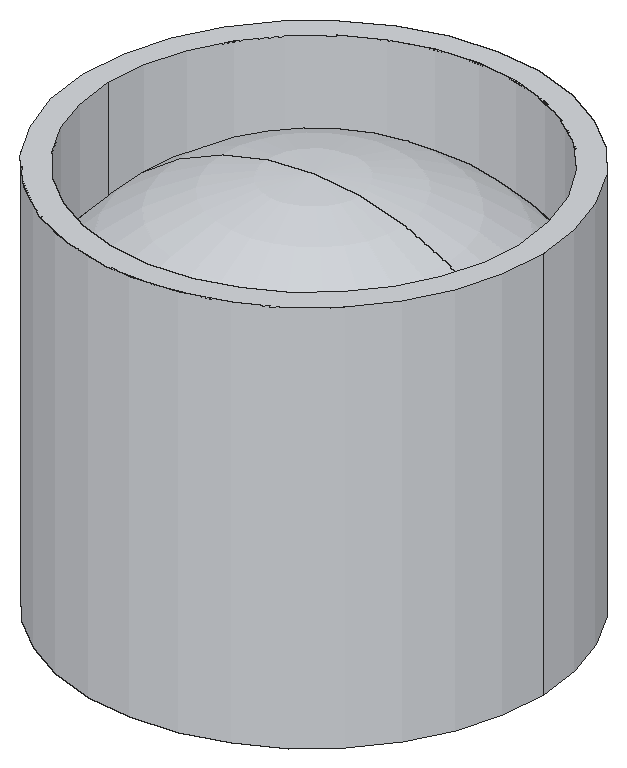
Revit family "EURS_63_LF_FB_Luxspace Surface Mounted DN570C_PHI", category Lighting Fixtures, host Face, Revit 2016
Family settings
  Host = Face
  Part Type = Normal
  Round Connector Dimension = Use Diameter
  Cut with Voids When Loaded = No
  Light Source = No
  Shared = Yes
  Room Calculation Point = No
Parameters (values of type "Type catalog")
  Width = 250 mm
  Voltage (V) = 230 V
  Visibility 2D symbol [instance] = yes
  Visibility 2D outline [instance] = not(Visibility 2D symbol)  # no
  URL = "http://www.lighting.philips.com/main/home"
  Type Comments = "Face Based"
  Rim height = 5 mm
  Product catalog - URL = "https://www.lighting.philips.com/main/prof/indoor-luminaires/downlights/luxspace-surface-mounted/910503706712_EU/product"
  Order code = "910503706712"
  Model = "DN570C"
  Manufacturer = "Philips"
  Light source = 2 mm
  Light loss factor = ""
  Length = 250 mm
  Last IES update = "DATE"
  Lamp type = DN570C IES Data : PSE-E 1xLED12S_930 M SG-FRC
  Lamp = "LAMP TYPE"
  Initial luminous flux (lm) = ""
  Init. Corr. Color Temperature (K) = ""
  Height = 215 mm
  Fixture code = "871829194487400"
  ETIM code URL = "https://prod.etim-international.com/Class/Details?classId=EC002892&classVersion=2"
  ETIM code = "EC002892"
  EOC = "EOC CODE"
  Description = "Luxspace Surface Mounted"
  Default Elevation = 0 mm
  Content version = "1.0"
  Content modified date = "03-04-2020"
  Content creation date = "03-04-2020"
  Content Creator = "https://www.cadac.com/bimcontent"
  BIM Library - URL = "http://www.lighting.philips.com/main/support/support/revit-library#page=1"
  Armatuurcode [instance] = ""
  Apparent Load = 0 VA
  12NC = "910503706712"
Reference planes
  plane 1 "Center (Front/Back)": y = 0
  plane 2: z = 0
  plane 3 "Center (Left/Right)": x = 0
  plane 4: x = -125
  plane 5: y = -125
  plane 6: y = 125
  plane 7: x = 125
  plane 8: z = 215
  plane 9: z = 26
  plane 10 "Light Source": z = 217
Forms (mm)
  Extrusion 1, solid
    sketch origin (0, 0, 0) x (1, 0, 0) y (0, 1, 0)
      loop
        circle (0, 0) r 125
    from 0 to 215
  Revolve 2, void
    sketch origin (0, 0, 0) x (1, 0, 0) y (0, 0, 1)
      loop
        line (0, 215) -> (0, 210)
        arc (0, 210) -> (61.534, 197.397) -> (112, 160) r 145.301
        line (112, 160) -> (112, 215) -> (0, 215)
      axis (0, 215) -> (0, 160)
    angle from 0 to 360
Cuts and joins
  Revolve 2 cuts Extrusion 1
Dimensions and locks
  equal spacing: host sketch curve, plane 1 "Center (Front/Back)", host sketch curve
  equal spacing: host sketch curve, plane 3 "Center (Left/Right)", host sketch curve
  "Length": plane 4 to plane 7
  equal spacing: plane 4, plane 3 "Center (Left/Right)", plane 7
  equal spacing: plane 5, plane 1 "Center (Front/Back)", plane 6
  "Width": plane 5 to plane 6
  "Height": plane 8 to plane 2
  "Light source": plane 8 to plane 10 "Light Source"
  aligned and locked: plane 2 to host face
  aligned and locked: level to host face
  aligned and locked: plane 8 to Extrusion 1
  aligned and locked: Extrusion 1 to level
Automatic sketch dimensions
  plane 1 "Center (Front/Back)" to Extrusion 1 sketch curve = 0 mm
  Extrusion 1 sketch curve to plane 3 "Center (Left/Right)" = 0 mm
  Revolve 2 sketch curve to plane 3 "Center (Left/Right)" = 0 mm  (x2)
  Revolve 2 sketch curve to plane 8 = 0 mm
  plane 3 "Center (Left/Right)" to Revolve 2 sketch curve = 2.302 mm
  plane 7 to Revolve 2 sketch curve = 13 mm
  plane 9 to Revolve 2 sketch curve = 38.717 mm
  Revolve 2 sketch curve to Revolve 2 sketch curve = 5 mm
  Revolve 2 sketch curve to Revolve 2 sketch curve = 30.283 mm
  plane 8 to Revolve 2 sketch curve = 40 mm
  radius of Extrusion 1 sketch curve = 125 mm
Nested families
  nested 1: "2D-PL-Rond + symbool" at (0, 0, 0), visible <- "Visibility 2D symbol", Diameters <- "Width", type "2D symbool"
    with radius 125 mm, Diameters 250 mm
  nested 2: "2D-PL-Rond" at (0, 0, 0), visible <- "Visibility 2D outline", Diameters <- "Width", type "2D symbool"
    with Diameters 250 mm
  nested 3: "DN570C IES Data" at (0, 0, 217) x (1, 0, 0) z (0, 0, -1), type <- "Lamp type", type "PSE-E 1xLED12S_930 M SG-FRC"
Connectors
  electrical at (0, 0, 0), driven by "Apparent Load", driven by "Voltage (V)"
    settings: on host face, index 1, voltage 230 V, apparent load 0 VA, apparent load phase1 0 VA, apparent load phase2 0 VA, apparent load phase3 0 VA, power factor 1, load classification "Other", number of poles 1, system type 31, power factor state 1, is connector primary yes, connector utility no, sub classification motor no, connector description ""
Definition of nested family "2D-PL-Rond + symbool"
  Parameters (values of type "2D symbool")
    radius [instance] = Diameters / 2  # 125 mm
    Visibility 2D symbol = yes
    Diameters [instance] = 250 mm
    Description = "Armatuur symbool"
    Copyright © Cadac = "www.cadac.com/aec"
    Cadac content versie = ""
    Assembly Code = ""
  Reference planes
    plane 1 "Center (Front/Back)": y = 0
    plane 2: z = 0
    plane 3 "Center (Left/Right)": x = 0
  Lines and regions (mm)
    symbolic lines
      curve 1: circle (0, 0, 0) r 125 normal (0, 0, 1)
  Dimensions and locks
    "Diameters": diameter of curve 1
  Automatic sketch dimensions
    plane 1 "Center (Front/Back)" to curve 1 = 0 mm
    curve 1 to plane 3 "Center (Left/Right)" = 0 mm
  Nested families
    nested 1: "PL-opbouwarmatuur plafond rond" at (0, 0, 0), radius cirkel <- "radius", visible <- "Visibility 2D symbol", type "PL lichtpunt"
      with radius cirkel 125 mm, lengte symbool 162.5 mm, l1 140 mm, breedte symbool 150 mm, b1 52.5 mm
  Definition of nested family "PL-opbouwarmatuur plafond rond"
    Parameters (values of type "PL lichtpunt")
      radius cirkel [instance] = 200 mm
      lengte symbool [instance] = 162.5 mm
      l1 [instance] = 140 mm
      breedte symbool [instance] = radius cirkel + 25 mm  # 225 mm
      b1 [instance] = 52.5 mm
      Diameters = 74 mm
      Description = "PL lichtpunt"
      Copyright © Cadac = "www.cadac.com/aec"
      Cadac content versie = "4.0"  # constant formula
      Assembly Code = ""
    Reference planes
      plane 1 "Center (Front/Back)": y = 0
      plane 2: z = 0
      plane 3 "Center (Left/Right)": x = 0
      plane 4: y = 112.5
      plane 5: y = -112.5
    Lines and regions (mm)
      symbolic lines
        curve 1: circle (0, 0, 0) r 200 normal (0, 0, 1)
        curve 2: line (-165.359, 112.5, 0) -> (165.359, -112.5, 0)
        curve 3: line (-165.359, -112.5, 0) -> (165.359, 112.5, 0)
    Dimensions and locks
      equal spacing: plane 4, plane 1 "Center (Front/Back)", plane 5
      "breedte symbool": plane 4 to plane 5
      "radius cirkel": radius of curve 1
      aligned and locked: plane 4 to curve 2
      aligned and locked: plane 4 to curve 3
      aligned and locked: plane 5 to curve 3
      aligned and locked: plane 5 to curve 2
    Automatic sketch dimensions
      plane 1 "Center (Front/Back)" to curve 1 = 0 mm
      curve 1 to plane 3 "Center (Left/Right)" = 0 mm
Definition of nested family "2D-PL-Rond"
  Parameters (values of type "2D symbool")
    Diameters [instance] = 250 mm
    Description = "Armatuur symbool"
    Copyright © Cadac = "www.cadac.com/aec"
    Cadac content versie = ""
    Assembly Code = ""
  Reference planes
    plane 1 "Center (Front/Back)": y = 0
    plane 2: z = 0
    plane 3 "Center (Left/Right)": x = 0
  Lines and regions (mm)
    symbolic lines
      curve 1: circle (0, 0, 0) r 125 normal (0, 0, 1)
  Dimensions and locks
    "Diameters": diameter of curve 1
  Automatic sketch dimensions
    plane 1 "Center (Front/Back)" to curve 1 = 0 mm
    curve 1 to plane 3 "Center (Left/Right)" = 0 mm
Definition of nested family "DN570C IES Data"
  Parameters (values of type "PSED-E 1xLED40S_840 C")
    Wattage = 35.5 W
    built-in parameter 1150110 = 1 (stored number, unit not read)
    built-in parameter 1114217 = 1 (stored number, unit not read)
    Tilt Angle = 90.00°
    built-in parameter 1150109 = 1 (stored number, unit not read)
    built-in parameter 1150134 = 12
    built-in parameter 1150113 = 1 (stored number, unit not read)
    Photometric Web File = "DN570C PSED-E 1xLED40S_840 C.ies"
    Model = "DN570C"
    Manufacturer = "Philips"
    built-in parameter 1150105 = 334.23 (stored number, unit not read)
    Lumens = 4200 lm
    built-in parameter 1150115 = 1 (stored number, unit not read)
    built-in parameter 1150137 = (empty or 0)
    built-in parameter 1150139 = (empty or 0)
    built-in parameter 1150112 = 1 (stored number, unit not read)
    built-in parameter 1150114 = 1 (stored number, unit not read)
    Lamp = "LED40S/840/-"
    built-in parameter 1150132 = (empty or 0)
    built-in parameter 1150102 = (empty or 0)
    built-in parameter 1150107 = 4000 (stored number, unit not read)
    built-in parameter 1150138 = (empty or 0)
    built-in parameter 1150106 = 3.3423 (stored number, unit not read)
    Emit from Circle Diameter = 178 mm
    Emit Shape Visible in Rendering = no
    built-in parameter 1150104 = 10.991 (stored number, unit not read)
    Dimming Lamp Color Temperature Shift = (empty or 0)
    Description = ""
    Default Elevation = 0 mm
    Content Creator = "https://www.cadac.com/bimcontent"
    Color Filter = 16777215
    built-in parameter 1114218 = 1 (stored number, unit not read)
    built-in parameter 1150133 = 10 (stored number, unit not read)
    Apparent Load = 35.5 VA
  Types (104, lengths in mm): name | Wattage | built-in parameter 1150134 | Photometric Web File | built-in parameter 1150105 | Lumens | Lamp | built-in parameter 1150107 | built-in parameter 1150106 | built-in parameter 1150104 | Apparent Load
    PSED-E 1xLED40S_840 C | 35.5 W | 12 | "DN570C PSED-E 1xLED40S_840 C.ies" | 334.23 (stored number, unit not read) | 4200 lm | "LED40S/840/-" | 4000 (stored number, unit not read) | 3.3423 (stored number, unit not read) | 10.991 (stored number, unit not read) | 35.5 VA
    PSED-E 1xLED40S_830 C | 38 W | (empty or 0) | "DN570C PSED-E 1xLED40S_830 C.ies" | 334.23 (stored number, unit not read) | 4200 lm | "LED40S/830/-" | 3000 (stored number, unit not read) | 3.3423 (stored number, unit not read) | 10.268 (stored number, unit not read) | 38 VA
    PSED-E 1xLED24S_930 WR | 23 W | (empty or 0) | "DN570C PSED-E 1xLED24S_930 WR.ies" | 159.15 (stored number, unit not read) | 2000 lm | "LED24S/930/-" | 3000 (stored number, unit not read) | 1.5915 (stored number, unit not read) | 8.0785 (stored number, unit not read) | 23 VA
    PSED-E 1xLED24S_930 M | 23 W | (empty or 0) | "DN570C PSED-E 1xLED24S_930 M.ies" | 143.24 (stored number, unit not read) | 1800 lm | "LED24S/930/-" | 3000 (stored number, unit not read) | 1.4324 (stored number, unit not read) | 7.2707 (stored number, unit not read) | 23 VA
    PSED-E 1xLED24S_930 M SG-O | 23 W | (empty or 0) | "DN570C PSED-E 1xLED24S_930 M SG-O.ies" | 111.41 (stored number, unit not read) | 1400 lm | "LED24S/930/-" | 3000 (stored number, unit not read) | 1.1141 (stored number, unit not read) | 5.655 (stored number, unit not read) | 23 VA
    PSED-E 1xLED24S_930 M SG-HR-FR | 23 W | (empty or 0) | "DN570C PSED-E 1xLED24S_930 M SG-HR-FR.ies" | 115.39 (stored number, unit not read) | 1450 lm | "LED24S/930/-" | 3000 (stored number, unit not read) | 1.1539 (stored number, unit not read) | 5.8569 (stored number, unit not read) | 23 VA
    PSED-E 1xLED24S_930 M SG-FRC | 23 W | (empty or 0) | "DN570C PSED-E 1xLED24S_930 M SG-FRC.ies" | 115.39 (stored number, unit not read) | 1450 lm | "LED24S/930/-" | 3000 (stored number, unit not read) | 1.1539 (stored number, unit not read) | 5.8569 (stored number, unit not read) | 23 VA
    PSED-E 1xLED24S_930 F | 23 W | (empty or 0) | "DN570C PSED-E 1xLED24S_930 F.ies" | 167.11 (stored number, unit not read) | 2100 lm | "LED24S/930/-" | 3000 (stored number, unit not read) | 1.6711 (stored number, unit not read) | 8.4825 (stored number, unit not read) | 23 VA
    PSED-E 1xLED24S_930 F SG-O | 23 W | (empty or 0) | "DN570C PSED-E 1xLED24S_930 F SG-O.ies" | 135.28 (stored number, unit not read) | 1700 lm | "LED24S/930/-" | 3000 (stored number, unit not read) | 1.3528 (stored number, unit not read) | 6.8667 (stored number, unit not read) | 23 VA
    PSED-E 1xLED24S_930 F SG-HR-FR | 23 W | (empty or 0) | "DN570C PSED-E 1xLED24S_930 F SG-HR-FR.ies" | 139.26 (stored number, unit not read) | 1750 lm | "LED24S/930/-" | 3000 (stored number, unit not read) | 1.3926 (stored number, unit not read) | 7.0687 (stored number, unit not read) | 23 VA
    PSED-E 1xLED24S_930 F SG-FRC | 23 W | (empty or 0) | "DN570C PSED-E 1xLED24S_930 F SG-FRC.ies" | 135.28 (stored number, unit not read) | 1700 lm | "LED24S/930/-" | 3000 (stored number, unit not read) | 1.3528 (stored number, unit not read) | 6.8667 (stored number, unit not read) | 23 VA
    PSED-E 1xLED24S_930 C | 23 W | (empty or 0) | "DN570C PSED-E 1xLED24S_930 C.ies" | 167.11 (stored number, unit not read) | 2100 lm | "LED24S/930/-" | 3000 (stored number, unit not read) | 1.6711 (stored number, unit not read) | 8.4825 (stored number, unit not read) | 23 VA
    PSED-E 1xLED24S_930 C SG-O | 23 W | (empty or 0) | "DN570C PSED-E 1xLED24S_930 C SG-O.ies" | 135.28 (stored number, unit not read) | 1700 lm | "LED24S/930/-" | 3000 (stored number, unit not read) | 1.3528 (stored number, unit not read) | 6.8667 (stored number, unit not read) | 23 VA
    PSED-E 1xLED24S_930 C SG-HR-FR | 23 W | (empty or 0) | "DN570C PSED-E 1xLED24S_930 C SG-HR-FR.ies" | 139.26 (stored number, unit not read) | 1750 lm | "LED24S/930/-" | 3000 (stored number, unit not read) | 1.3926 (stored number, unit not read) | 7.0687 (stored number, unit not read) | 23 VA
    PSED-E 1xLED24S_930 C SG-FRC | 23 W | (empty or 0) | "DN570C PSED-E 1xLED24S_930 C SG-FRC.ies" | 135.28 (stored number, unit not read) | 1700 lm | "LED24S/930/-" | 3000 (stored number, unit not read) | 1.3528 (stored number, unit not read) | 6.8667 (stored number, unit not read) | 23 VA
    PSED-E 1xLED20S_930 WR | 18.8 W | (empty or 0) | "DN570C PSED-E 1xLED20S_930 WR.ies" | 135.28 (stored number, unit not read) | 1700 lm | "LED20S/930/-" | 3000 (stored number, unit not read) | 1.3528 (stored number, unit not read) | 8.4008 (stored number, unit not read) | 18.8 VA
    PSED-E 1xLED20S_930 M | 18.8 W | (empty or 0) | "DN570C PSED-E 1xLED20S_930 M.ies" | 119.37 (stored number, unit not read) | 1500 lm | "LED20S/930/-" | 3000 (stored number, unit not read) | 1.1937 (stored number, unit not read) | 7.4125 (stored number, unit not read) | 18.8 VA
    PSED-E 1xLED20S_930 M SG-O | 18.8 W | (empty or 0) | "DN570C PSED-E 1xLED20S_930 M SG-O.ies" | 95.493 (stored number, unit not read) | 1200 lm | "LED20S/930/-" | 3000 (stored number, unit not read) | 0.95493 (stored number, unit not read) | 5.93 (stored number, unit not read) | 18.8 VA
    PSED-E 1xLED20S_930 M SG-HR-FR | 18.8 W | (empty or 0) | "DN570C PSED-E 1xLED20S_930 M SG-HR-FR.ies" | 95.493 (stored number, unit not read) | 1200 lm | "LED20S/930/-" | 3000 (stored number, unit not read) | 0.95493 (stored number, unit not read) | 5.93 (stored number, unit not read) | 18.8 VA
    PSED-E 1xLED20S_930 M SG-FRC | 18.8 W | (empty or 0) | "DN570C PSED-E 1xLED20S_930 M SG-FRC.ies" | 95.493 (stored number, unit not read) | 1200 lm | "LED20S/930/-" | 3000 (stored number, unit not read) | 0.95493 (stored number, unit not read) | 5.93 (stored number, unit not read) | 18.8 VA
    PSED-E 1xLED20S_930 F | 18.8 W | (empty or 0) | "DN570C PSED-E 1xLED20S_930 F.ies" | 139.26 (stored number, unit not read) | 1750 lm | "LED20S/930/-" | 3000 (stored number, unit not read) | 1.3926 (stored number, unit not read) | 8.6479 (stored number, unit not read) | 18.8 VA
    PSED-E 1xLED20S_930 F SG-O | 18.8 W | (empty or 0) | "DN570C PSED-E 1xLED20S_930 F SG-O.ies" | 115.39 (stored number, unit not read) | 1450 lm | "LED20S/930/-" | 3000 (stored number, unit not read) | 1.1539 (stored number, unit not read) | 7.1654 (stored number, unit not read) | 18.8 VA
    PSED-E 1xLED20S_930 F SG-HR-FR | 18.8 W | (empty or 0) | "DN570C PSED-E 1xLED20S_930 F SG-HR-FR.ies" | 115.39 (stored number, unit not read) | 1450 lm | "LED20S/930/-" | 3000 (stored number, unit not read) | 1.1539 (stored number, unit not read) | 7.1654 (stored number, unit not read) | 18.8 VA
    PSED-E 1xLED20S_930 F SG-FRC | 18.8 W | (empty or 0) | "DN570C PSED-E 1xLED20S_930 F SG-FRC.ies" | 115.39 (stored number, unit not read) | 1450 lm | "LED20S/930/-" | 3000 (stored number, unit not read) | 1.1539 (stored number, unit not read) | 7.1654 (stored number, unit not read) | 18.8 VA
    PSED-E 1xLED20S_930 C | 18.8 W | (empty or 0) | "DN570C PSED-E 1xLED20S_930 C.ies" | 139.26 (stored number, unit not read) | 1750 lm | "LED20S/930/-" | 3000 (stored number, unit not read) | 1.3926 (stored number, unit not read) | 8.6479 (stored number, unit not read) | 18.8 VA
    PSED-E 1xLED20S_930 C SG-O | 18.8 W | (empty or 0) | "DN570C PSED-E 1xLED20S_930 C SG-O.ies" | 115.39 (stored number, unit not read) | 1450 lm | "LED20S/930/-" | 3000 (stored number, unit not read) | 1.1539 (stored number, unit not read) | 7.1654 (stored number, unit not read) | 18.8 VA
    PSED-E 1xLED20S_930 C SG-HR-FR | 18.8 W | (empty or 0) | "DN570C PSED-E 1xLED20S_930 C SG-HR-FR.ies" | 115.39 (stored number, unit not read) | 1450 lm | "LED20S/930/-" | 3000 (stored number, unit not read) | 1.1539 (stored number, unit not read) | 7.1654 (stored number, unit not read) | 18.8 VA
    PSED-E 1xLED20S_930 C SG-FRC | 18.8 W | (empty or 0) | "DN570C PSED-E 1xLED20S_930 C SG-FRC.ies" | 115.39 (stored number, unit not read) | 1450 lm | "LED20S/930/-" | 3000 (stored number, unit not read) | 1.1539 (stored number, unit not read) | 7.1654 (stored number, unit not read) | 18.8 VA
    PSED-E 1xLED12S_930 WR | 11.6 W | (empty or 0) | "DN570C PSED-E 1xLED12S_930 WR.ies" | 83.556 (stored number, unit not read) | 1050 lm | "LED12S/930/-" | 3000 (stored number, unit not read) | 0.83556 (stored number, unit not read) | 8.4093 (stored number, unit not read) | 11.6 VA
    PSED-E 1xLED12S_930 M | 11.6 W | (empty or 0) | "DN570C PSED-E 1xLED12S_930 M.ies" | 73.211 (stored number, unit not read) | 920 lm | "LED12S/930/-" | 3000 (stored number, unit not read) | 0.73211 (stored number, unit not read) | 7.3682 (stored number, unit not read) | 11.6 VA
    PSED-E 1xLED12S_930 M SG-O | 11.6 W | (empty or 0) | "DN570C PSED-E 1xLED12S_930 M SG-O.ies" | 55.704 (stored number, unit not read) | 700 lm | "LED12S/930/-" | 3000 (stored number, unit not read) | 0.55704 (stored number, unit not read) | 5.6062 (stored number, unit not read) | 11.6 VA
    PSED-E 1xLED12S_930 M SG-HR-FR | 11.6 W | (empty or 0) | "DN570C PSED-E 1xLED12S_930 M SG-HR-FR.ies" | 57.296 (stored number, unit not read) | 720 lm | "LED12S/930/-" | 3000 (stored number, unit not read) | 0.57296 (stored number, unit not read) | 5.7664 (stored number, unit not read) | 11.6 VA
    PSED-E 1xLED12S_930 M SG-FRC | 11.6 W | (empty or 0) | "DN570C PSED-E 1xLED12S_930 M SG-FRC.ies" | 57.296 (stored number, unit not read) | 720 lm | "LED12S/930/-" | 3000 (stored number, unit not read) | 0.57296 (stored number, unit not read) | 5.7664 (stored number, unit not read) | 11.6 VA
    PSED-E 1xLED12S_930 F | 11.6 W | (empty or 0) | "DN570C PSED-E 1xLED12S_930 F.ies" | 87.535 (stored number, unit not read) | 1100 lm | "LED12S/930/-" | 3000 (stored number, unit not read) | 0.87535 (stored number, unit not read) | 8.8098 (stored number, unit not read) | 11.6 VA
    PSED-E 1xLED12S_930 F SG-O | 11.6 W | (empty or 0) | "DN570C PSED-E 1xLED12S_930 F SG-O.ies" | 71.62 (stored number, unit not read) | 900 lm | "LED12S/930/-" | 3000 (stored number, unit not read) | 0.7162 (stored number, unit not read) | 7.208 (stored number, unit not read) | 11.6 VA
    PSED-E 1xLED12S_930 F SG-HR-FR | 11.6 W | (empty or 0) | "DN570C PSED-E 1xLED12S_930 F SG-HR-FR.ies" | 74.803 (stored number, unit not read) | 940 lm | "LED12S/930/-" | 3000 (stored number, unit not read) | 0.74803 (stored number, unit not read) | 7.5283 (stored number, unit not read) | 11.6 VA
    PSED-E 1xLED12S_930 F SG-FRC | 11.6 W | (empty or 0) | "DN570C PSED-E 1xLED12S_930 F SG-FRC.ies" | 71.62 (stored number, unit not read) | 900 lm | "LED12S/930/-" | 3000 (stored number, unit not read) | 0.7162 (stored number, unit not read) | 7.208 (stored number, unit not read) | 11.6 VA
    PSED-E 1xLED12S_930 C | 11.6 W | (empty or 0) | "DN570C PSED-E 1xLED12S_930 C.ies" | 87.535 (stored number, unit not read) | 1100 lm | "LED12S/930/-" | 3000 (stored number, unit not read) | 0.87535 (stored number, unit not read) | 8.8098 (stored number, unit not read) | 11.6 VA
    PSED-E 1xLED12S_930 C SG-O | 11.6 W | (empty or 0) | "DN570C PSED-E 1xLED12S_930 C SG-O.ies" | 71.62 (stored number, unit not read) | 900 lm | "LED12S/930/-" | 3000 (stored number, unit not read) | 0.7162 (stored number, unit not read) | 7.208 (stored number, unit not read) | 11.6 VA
    PSED-E 1xLED12S_930 C SG-HR-FR | 11.6 W | (empty or 0) | "DN570C PSED-E 1xLED12S_930 C SG-HR-FR.ies" | 74.803 (stored number, unit not read) | 940 lm | "LED12S/930/-" | 3000 (stored number, unit not read) | 0.74803 (stored number, unit not read) | 7.5283 (stored number, unit not read) | 11.6 VA
    PSED-E 1xLED12S_930 C SG-FRC | 11.6 W | (empty or 0) | "DN570C PSED-E 1xLED12S_930 C SG-FRC.ies" | 71.62 (stored number, unit not read) | 900 lm | "LED12S/930/-" | 3000 (stored number, unit not read) | 0.7162 (stored number, unit not read) | 7.208 (stored number, unit not read) | 11.6 VA
    PSE-E 1xLED24S_930 WR | 23 W | (empty or 0) | "DN570C PSE-E 1xLED24S_930 WR.ies" | 159.15 (stored number, unit not read) | 2000 lm | "LED24S/930/-" | 3000 (stored number, unit not read) | 1.5915 (stored number, unit not read) | 8.0785 (stored number, unit not read) | 23 VA
    PSE-E 1xLED24S_930 M | 23 W | (empty or 0) | "DN570C PSE-E 1xLED24S_930 M.ies" | 143.24 (stored number, unit not read) | 1800 lm | "LED24S/930/-" | 3000 (stored number, unit not read) | 1.4324 (stored number, unit not read) | 7.2707 (stored number, unit not read) | 23 VA
    PSE-E 1xLED24S_930 M SG-O | 23 W | (empty or 0) | "DN570C PSE-E 1xLED24S_930 M SG-O.ies" | 111.41 (stored number, unit not read) | 1400 lm | "LED24S/930/-" | 3000 (stored number, unit not read) | 1.1141 (stored number, unit not read) | 5.655 (stored number, unit not read) | 23 VA
    PSE-E 1xLED24S_930 M SG-HR-FR | 23 W | (empty or 0) | "DN570C PSE-E 1xLED24S_930 M SG-HR-FR.ies" | 115.39 (stored number, unit not read) | 1450 lm | "LED24S/930/-" | 3000 (stored number, unit not read) | 1.1539 (stored number, unit not read) | 5.8569 (stored number, unit not read) | 23 VA
    PSE-E 1xLED24S_930 M SG-FRC | 23 W | (empty or 0) | "DN570C PSE-E 1xLED24S_930 M SG-FRC.ies" | 115.39 (stored number, unit not read) | 1450 lm | "LED24S/930/-" | 3000 (stored number, unit not read) | 1.1539 (stored number, unit not read) | 5.8569 (stored number, unit not read) | 23 VA
    PSE-E 1xLED24S_930 F | 23 W | (empty or 0) | "DN570C PSE-E 1xLED24S_930 F.ies" | 167.11 (stored number, unit not read) | 2100 lm | "LED24S/930/-" | 3000 (stored number, unit not read) | 1.6711 (stored number, unit not read) | 8.4825 (stored number, unit not read) | 23 VA
    PSE-E 1xLED24S_930 F SG-O | 23 W | (empty or 0) | "DN570C PSE-E 1xLED24S_930 F SG-O.ies" | 135.28 (stored number, unit not read) | 1700 lm | "LED24S/930/-" | 3000 (stored number, unit not read) | 1.3528 (stored number, unit not read) | 6.8667 (stored number, unit not read) | 23 VA
    PSE-E 1xLED24S_930 F SG-HR-FR | 23 W | (empty or 0) | "DN570C PSE-E 1xLED24S_930 F SG-HR-FR.ies" | 139.26 (stored number, unit not read) | 1750 lm | "LED24S/930/-" | 3000 (stored number, unit not read) | 1.3926 (stored number, unit not read) | 7.0687 (stored number, unit not read) | 23 VA
    PSE-E 1xLED24S_930 F SG-FRC | 23 W | (empty or 0) | "DN570C PSE-E 1xLED24S_930 F SG-FRC.ies" | 135.28 (stored number, unit not read) | 1700 lm | "LED24S/930/-" | 3000 (stored number, unit not read) | 1.3528 (stored number, unit not read) | 6.8667 (stored number, unit not read) | 23 VA
    PSE-E 1xLED24S_930 C | 23 W | (empty or 0) | "DN570C PSE-E 1xLED24S_930 C.ies" | 167.11 (stored number, unit not read) | 2100 lm | "LED24S/930/-" | 3000 (stored number, unit not read) | 1.6711 (stored number, unit not read) | 8.4825 (stored number, unit not read) | 23 VA
    PSE-E 1xLED24S_930 C SG-O | 23 W | (empty or 0) | "DN570C PSE-E 1xLED24S_930 C SG-O.ies" | 135.28 (stored number, unit not read) | 1700 lm | "LED24S/930/-" | 3000 (stored number, unit not read) | 1.3528 (stored number, unit not read) | 6.8667 (stored number, unit not read) | 23 VA
    PSE-E 1xLED24S_930 C SG-HR-FR | 23 W | (empty or 0) | "DN570C PSE-E 1xLED24S_930 C SG-HR-FR.ies" | 139.26 (stored number, unit not read) | 1750 lm | "LED24S/930/-" | 3000 (stored number, unit not read) | 1.3926 (stored number, unit not read) | 7.0687 (stored number, unit not read) | 23 VA
    PSE-E 1xLED24S_930 C SG-FRC | 23 W | (empty or 0) | "DN570C PSE-E 1xLED24S_930 C SG-FRC.ies" | 135.28 (stored number, unit not read) | 1700 lm | "LED24S/930/-" | 3000 (stored number, unit not read) | 1.3528 (stored number, unit not read) | 6.8667 (stored number, unit not read) | 23 VA
    PSE-E 1xLED24S_840 WR | 21.5 W | 12 | "DN570C PSE-E 1xLED24S_840 WR.ies" | 198.94 (stored number, unit not read) | 2500 lm | "LED24S/840/-" | 4000 (stored number, unit not read) | 1.9894 (stored number, unit not read) | 10.803 (stored number, unit not read) | 21.5 VA
    PSE-E 1xLED24S_840 M | 21.5 W | 12 | "DN570C PSE-E 1xLED24S_840 M.ies" | 175.07 (stored number, unit not read) | 2200 lm | "LED24S/840/-" | 4000 (stored number, unit not read) | 1.7507 (stored number, unit not read) | 9.5064 (stored number, unit not read) | 21.5 VA
    PSE-E 1xLED24S_840 F | 21.5 W | 12 | "DN570C PSE-E 1xLED24S_840 F.ies" | 206.9 (stored number, unit not read) | 2600 lm | "LED24S/840/-" | 4000 (stored number, unit not read) | 2.069 (stored number, unit not read) | 11.235 (stored number, unit not read) | 21.5 VA
    PSE-E 1xLED24S_840 C | 21.5 W | 12 | "DN570C PSE-E 1xLED24S_840 C.ies" | 206.9 (stored number, unit not read) | 2600 lm | "LED24S/840/-" | 4000 (stored number, unit not read) | 2.069 (stored number, unit not read) | 11.235 (stored number, unit not read) | 21.5 VA
    PSE-E 1xLED24S_830 WR | 23 W | (empty or 0) | "DN570C PSE-E 1xLED24S_830 WR.ies" | 198.94 (stored number, unit not read) | 2500 lm | "LED24S/830/-" | 3000 (stored number, unit not read) | 1.9894 (stored number, unit not read) | 10.098 (stored number, unit not read) | 23 VA
    PSE-E 1xLED24S_830 M | 23 W | (empty or 0) | "DN570C PSE-E 1xLED24S_830 M.ies" | 175.07 (stored number, unit not read) | 2200 lm | "LED24S/830/-" | 3000 (stored number, unit not read) | 1.7507 (stored number, unit not read) | 8.8864 (stored number, unit not read) | 23 VA
    PSE-E 1xLED24S_830 F | 23 W | (empty or 0) | "DN570C PSE-E 1xLED24S_830 F.ies" | 206.9 (stored number, unit not read) | 2600 lm | "LED24S/830/-" | 3000 (stored number, unit not read) | 2.069 (stored number, unit not read) | 10.502 (stored number, unit not read) | 23 VA
    PSE-E 1xLED24S_830 C | 23 W | (empty or 0) | "DN570C PSE-E 1xLED24S_830 C.ies" | 206.9 (stored number, unit not read) | 2600 lm | "LED24S/830/-" | 3000 (stored number, unit not read) | 2.069 (stored number, unit not read) | 10.502 (stored number, unit not read) | 23 VA
    PSE-E 1xLED20S_930 WR | 18.8 W | (empty or 0) | "DN570C PSE-E 1xLED20S_930 WR.ies" | 135.28 (stored number, unit not read) | 1700 lm | "LED20S/930/-" | 3000 (stored number, unit not read) | 1.3528 (stored number, unit not read) | 8.4008 (stored number, unit not read) | 18.8 VA
    PSE-E 1xLED20S_930 M | 18.8 W | (empty or 0) | "DN570C PSE-E 1xLED20S_930 M.ies" | 119.37 (stored number, unit not read) | 1500 lm | "LED20S/930/-" | 3000 (stored number, unit not read) | 1.1937 (stored number, unit not read) | 7.4125 (stored number, unit not read) | 18.8 VA
    PSE-E 1xLED20S_930 M SG-O | 18.8 W | (empty or 0) | "DN570C PSE-E 1xLED20S_930 M SG-O.ies" | 95.493 (stored number, unit not read) | 1200 lm | "LED20S/930/-" | 3000 (stored number, unit not read) | 0.95493 (stored number, unit not read) | 5.93 (stored number, unit not read) | 18.8 VA
    PSE-E 1xLED20S_930 M SG-HR-FR | 18.8 W | (empty or 0) | "DN570C PSE-E 1xLED20S_930 M SG-HR-FR.ies" | 95.493 (stored number, unit not read) | 1200 lm | "LED20S/930/-" | 3000 (stored number, unit not read) | 0.95493 (stored number, unit not read) | 5.93 (stored number, unit not read) | 18.8 VA
    PSE-E 1xLED20S_930 M SG-FRC | 18.8 W | (empty or 0) | "DN570C PSE-E 1xLED20S_930 M SG-FRC.ies" | 95.493 (stored number, unit not read) | 1200 lm | "LED20S/930/-" | 3000 (stored number, unit not read) | 0.95493 (stored number, unit not read) | 5.93 (stored number, unit not read) | 18.8 VA
    PSE-E 1xLED20S_930 F | 18.8 W | (empty or 0) | "DN570C PSE-E 1xLED20S_930 F.ies" | 139.26 (stored number, unit not read) | 1750 lm | "LED20S/930/-" | 3000 (stored number, unit not read) | 1.3926 (stored number, unit not read) | 8.6479 (stored number, unit not read) | 18.8 VA
    PSE-E 1xLED20S_930 F SG-O | 18.8 W | (empty or 0) | "DN570C PSE-E 1xLED20S_930 F SG-O.ies" | 115.39 (stored number, unit not read) | 1450 lm | "LED20S/930/-" | 3000 (stored number, unit not read) | 1.1539 (stored number, unit not read) | 7.1654 (stored number, unit not read) | 18.8 VA
    PSE-E 1xLED20S_930 F SG-HR-FR | 18.8 W | (empty or 0) | "DN570C PSE-E 1xLED20S_930 F SG-HR-FR.ies" | 115.39 (stored number, unit not read) | 1450 lm | "LED20S/930/-" | 3000 (stored number, unit not read) | 1.1539 (stored number, unit not read) | 7.1654 (stored number, unit not read) | 18.8 VA
    PSE-E 1xLED20S_930 F SG-FRC | 18.8 W | (empty or 0) | "DN570C PSE-E 1xLED20S_930 F SG-FRC.ies" | 115.39 (stored number, unit not read) | 1450 lm | "LED20S/930/-" | 3000 (stored number, unit not read) | 1.1539 (stored number, unit not read) | 7.1654 (stored number, unit not read) | 18.8 VA
    PSE-E 1xLED20S_930 C | 18.8 W | (empty or 0) | "DN570C PSE-E 1xLED20S_930 C.ies" | 139.26 (stored number, unit not read) | 1750 lm | "LED20S/930/-" | 3000 (stored number, unit not read) | 1.3926 (stored number, unit not read) | 8.6479 (stored number, unit not read) | 18.8 VA
    PSE-E 1xLED20S_930 C SG-O | 18.8 W | (empty or 0) | "DN570C PSE-E 1xLED20S_930 C SG-O.ies" | 115.39 (stored number, unit not read) | 1450 lm | "LED20S/930/-" | 3000 (stored number, unit not read) | 1.1539 (stored number, unit not read) | 7.1654 (stored number, unit not read) | 18.8 VA
    PSE-E 1xLED20S_930 C SG-HR-FR | 18.8 W | (empty or 0) | "DN570C PSE-E 1xLED20S_930 C SG-HR-FR.ies" | 115.39 (stored number, unit not read) | 1450 lm | "LED20S/930/-" | 3000 (stored number, unit not read) | 1.1539 (stored number, unit not read) | 7.1654 (stored number, unit not read) | 18.8 VA
    PSE-E 1xLED20S_930 C SG-FRC | 18.8 W | (empty or 0) | "DN570C PSE-E 1xLED20S_930 C SG-FRC.ies" | 115.39 (stored number, unit not read) | 1450 lm | "LED20S/930/-" | 3000 (stored number, unit not read) | 1.1539 (stored number, unit not read) | 7.1654 (stored number, unit not read) | 18.8 VA
    PSE-E 1xLED20S_840 WR | 17.8 W | 12 | "DN570C PSE-E 1xLED20S_840 WR.ies" | 167.11 (stored number, unit not read) | 2100 lm | "LED20S/840/-" | 4000 (stored number, unit not read) | 1.6711 (stored number, unit not read) | 10.96 (stored number, unit not read) | 17.8 VA
    PSE-E 1xLED20S_840 M | 17.8 W | 12 | "DN570C PSE-E 1xLED20S_840 M.ies" | 147.22 (stored number, unit not read) | 1850 lm | "LED20S/840/-" | 4000 (stored number, unit not read) | 1.4722 (stored number, unit not read) | 9.6557 (stored number, unit not read) | 17.8 VA
    PSE-E 1xLED20S_840 F | 17.8 W | 12 | "DN570C PSE-E 1xLED20S_840 F.ies" | 175.07 (stored number, unit not read) | 2200 lm | "LED20S/840/-" | 4000 (stored number, unit not read) | 1.7507 (stored number, unit not read) | 11.482 (stored number, unit not read) | 17.8 VA
    PSE-E 1xLED20S_840 C | 17.8 W | 12 | "DN570C PSE-E 1xLED20S_840 C.ies" | 175.07 (stored number, unit not read) | 2200 lm | "LED20S/840/-" | 4000 (stored number, unit not read) | 1.7507 (stored number, unit not read) | 11.482 (stored number, unit not read) | 17.8 VA
    PSE-E 1xLED20S_830 WR | 19 W | (empty or 0) | "DN570C PSE-E 1xLED20S_830 WR.ies" | 167.11 (stored number, unit not read) | 2100 lm | "LED20S/830/-" | 3000 (stored number, unit not read) | 1.6711 (stored number, unit not read) | 10.268 (stored number, unit not read) | 19 VA
    PSE-E 1xLED20S_830 M | 19 W | (empty or 0) | "DN570C PSE-E 1xLED20S_830 M.ies" | 147.22 (stored number, unit not read) | 1850 lm | "LED20S/830/-" | 3000 (stored number, unit not read) | 1.4722 (stored number, unit not read) | 9.0458 (stored number, unit not read) | 19 VA
    PSE-E 1xLED20S_830 F | 19 W | (empty or 0) | "DN570C PSE-E 1xLED20S_830 F.ies" | 175.07 (stored number, unit not read) | 2200 lm | "LED20S/830/-" | 3000 (stored number, unit not read) | 1.7507 (stored number, unit not read) | 10.757 (stored number, unit not read) | 19 VA
    PSE-E 1xLED20S_830 C | 19 W | (empty or 0) | "DN570C PSE-E 1xLED20S_830 C.ies" | 175.07 (stored number, unit not read) | 2200 lm | "LED20S/830/-" | 3000 (stored number, unit not read) | 1.7507 (stored number, unit not read) | 10.757 (stored number, unit not read) | 19 VA
    PSE-E 1xLED12S_930 WR | 11.6 W | (empty or 0) | "DN570C PSE-E 1xLED12S_930 WR.ies" | 83.556 (stored number, unit not read) | 1050 lm | "LED12S/930/-" | 3000 (stored number, unit not read) | 0.83556 (stored number, unit not read) | 8.4093 (stored number, unit not read) | 11.6 VA
    PSE-E 1xLED12S_930 M | 11.6 W | (empty or 0) | "DN570C PSE-E 1xLED12S_930 M.ies" | 73.211 (stored number, unit not read) | 920 lm | "LED12S/930/-" | 3000 (stored number, unit not read) | 0.73211 (stored number, unit not read) | 7.3682 (stored number, unit not read) | 11.6 VA
    PSE-E 1xLED12S_930 M SG-O | 11.6 W | (empty or 0) | "DN570C PSE-E 1xLED12S_930 M SG-O.ies" | 55.704 (stored number, unit not read) | 700 lm | "LED12S/930/-" | 3000 (stored number, unit not read) | 0.55704 (stored number, unit not read) | 5.6062 (stored number, unit not read) | 11.6 VA
    PSE-E 1xLED12S_930 M SG-HR-FR | 11.6 W | (empty or 0) | "DN570C PSE-E 1xLED12S_930 M SG-HR-FR.ies" | 57.296 (stored number, unit not read) | 720 lm | "LED12S/930/-" | 3000 (stored number, unit not read) | 0.57296 (stored number, unit not read) | 5.7664 (stored number, unit not read) | 11.6 VA
    PSE-E 1xLED12S_930 M SG-FRC | 11.6 W | (empty or 0) | "DN570C PSE-E 1xLED12S_930 M SG-FRC.ies" | 57.296 (stored number, unit not read) | 720 lm | "LED12S/930/-" | 3000 (stored number, unit not read) | 0.57296 (stored number, unit not read) | 5.7664 (stored number, unit not read) | 11.6 VA
    PSE-E 1xLED12S_930 F | 11.6 W | (empty or 0) | "DN570C PSE-E 1xLED12S_930 F.ies" | 87.535 (stored number, unit not read) | 1100 lm | "LED12S/930/-" | 3000 (stored number, unit not read) | 0.87535 (stored number, unit not read) | 8.8098 (stored number, unit not read) | 11.6 VA
    PSE-E 1xLED12S_930 F SG-O | 11.6 W | (empty or 0) | "DN570C PSE-E 1xLED12S_930 F SG-O.ies" | 71.62 (stored number, unit not read) | 900 lm | "LED12S/930/-" | 3000 (stored number, unit not read) | 0.7162 (stored number, unit not read) | 7.208 (stored number, unit not read) | 11.6 VA
    PSE-E 1xLED12S_930 F SG-HR-FR | 11.6 W | (empty or 0) | "DN570C PSE-E 1xLED12S_930 F SG-HR-FR.ies" | 74.803 (stored number, unit not read) | 940 lm | "LED12S/930/-" | 3000 (stored number, unit not read) | 0.74803 (stored number, unit not read) | 7.5283 (stored number, unit not read) | 11.6 VA
    PSE-E 1xLED12S_930 F SG-FRC | 11.6 W | (empty or 0) | "DN570C PSE-E 1xLED12S_930 F SG-FRC.ies" | 71.62 (stored number, unit not read) | 900 lm | "LED12S/930/-" | 3000 (stored number, unit not read) | 0.7162 (stored number, unit not read) | 7.208 (stored number, unit not read) | 11.6 VA
    PSE-E 1xLED12S_930 C | 11.6 W | (empty or 0) | "DN570C PSE-E 1xLED12S_930 C.ies" | 87.535 (stored number, unit not read) | 1100 lm | "LED12S/930/-" | 3000 (stored number, unit not read) | 0.87535 (stored number, unit not read) | 8.8098 (stored number, unit not read) | 11.6 VA
    PSE-E 1xLED12S_930 C SG-O | 11.6 W | (empty or 0) | "DN570C PSE-E 1xLED12S_930 C SG-O.ies" | 71.62 (stored number, unit not read) | 900 lm | "LED12S/930/-" | 3000 (stored number, unit not read) | 0.7162 (stored number, unit not read) | 7.208 (stored number, unit not read) | 11.6 VA
    PSE-E 1xLED12S_930 C SG-HR-FR | 11.6 W | (empty or 0) | "DN570C PSE-E 1xLED12S_930 C SG-HR-FR.ies" | 74.803 (stored number, unit not read) | 940 lm | "LED12S/930/-" | 3000 (stored number, unit not read) | 0.74803 (stored number, unit not read) | 7.5283 (stored number, unit not read) | 11.6 VA
    PSE-E 1xLED12S_930 C SG-FRC | 11.6 W | (empty or 0) | "DN570C PSE-E 1xLED12S_930 C SG-FRC.ies" | 71.62 (stored number, unit not read) | 900 lm | "LED12S/930/-" | 3000 (stored number, unit not read) | 0.7162 (stored number, unit not read) | 7.208 (stored number, unit not read) | 11.6 VA
    PSE-E 1xLED12S_840 WR | 11.8 W | 12 | "DN570C PSE-E 1xLED12S_840 WR.ies" | 103.45 (stored number, unit not read) | 1300 lm | "LED12S/840/-" | 4000 (stored number, unit not read) | 1.0345 (stored number, unit not read) | 10.235 (stored number, unit not read) | 11.8 VA
    PSE-E 1xLED12S_840 M | 11.8 W | 12 | "DN570C PSE-E 1xLED12S_840 M.ies" | 91.514 (stored number, unit not read) | 1150 lm | "LED12S/840/-" | 4000 (stored number, unit not read) | 0.91514 (stored number, unit not read) | 9.0541 (stored number, unit not read) | 11.8 VA
    PSE-E 1xLED12S_840 F | 11.8 W | 12 | "DN570C PSE-E 1xLED12S_840 F.ies" | 107.43 (stored number, unit not read) | 1350 lm | "LED12S/840/-" | 4000 (stored number, unit not read) | 1.0743 (stored number, unit not read) | 10.629 (stored number, unit not read) | 11.8 VA
    PSE-E 1xLED12S_840 C | 11.8 W | 12 | "DN570C PSE-E 1xLED12S_840 C.ies" | 107.43 (stored number, unit not read) | 1350 lm | "LED12S/840/-" | 4000 (stored number, unit not read) | 1.0743 (stored number, unit not read) | 10.629 (stored number, unit not read) | 11.8 VA
    PSE-E 1xLED12S_830 WR | 11.8 W | (empty or 0) | "DN570C PSE-E 1xLED12S_830 WR.ies" | 103.45 (stored number, unit not read) | 1300 lm | "LED12S/830/-" | 3000 (stored number, unit not read) | 1.0345 (stored number, unit not read) | 10.235 (stored number, unit not read) | 11.8 VA
    PSE-E 1xLED12S_830 M | 11.8 W | (empty or 0) | "DN570C PSE-E 1xLED12S_830 M.ies" | 91.514 (stored number, unit not read) | 1150 lm | "LED12S/830/-" | 3000 (stored number, unit not read) | 0.91514 (stored number, unit not read) | 9.0541 (stored number, unit not read) | 11.8 VA
    PSE-E 1xLED12S_830 F | 11.8 W | (empty or 0) | "DN570C PSE-E 1xLED12S_830 F.ies" | 107.43 (stored number, unit not read) | 1350 lm | "LED12S/830/-" | 3000 (stored number, unit not read) | 1.0743 (stored number, unit not read) | 10.629 (stored number, unit not read) | 11.8 VA
    PSE-E 1xLED12S_830 C | 11.8 W | (empty or 0) | "DN570C PSE-E 1xLED12S_830 C.ies" | 107.43 (stored number, unit not read) | 1350 lm | "LED12S/830/-" | 3000 (stored number, unit not read) | 1.0743 (stored number, unit not read) | 10.629 (stored number, unit not read) | 11.8 VA
  Reference planes
    plane 1 "Center (Front/Back)": y = 0
    plane 2: z = 0
    plane 3 "Center (Left/Right)": x = 0
  Forms (mm)
    Extrusion 1, solid
      sketch origin (0, 0, 0) x (1, 0, 0) y (0, 1, 0)
        loop
          line (-1219.2, 1219.2) -> (-1219.2, -1219.2) -> (1219.2, -1219.2) -> (1219.2, 1219.2) -> (-1219.2, 1219.2)
      from 0 to 123.942
  Dimensions and locks
    aligned and locked: plane 2 to Extrusion 1
    aligned and locked: level to Extrusion 1
